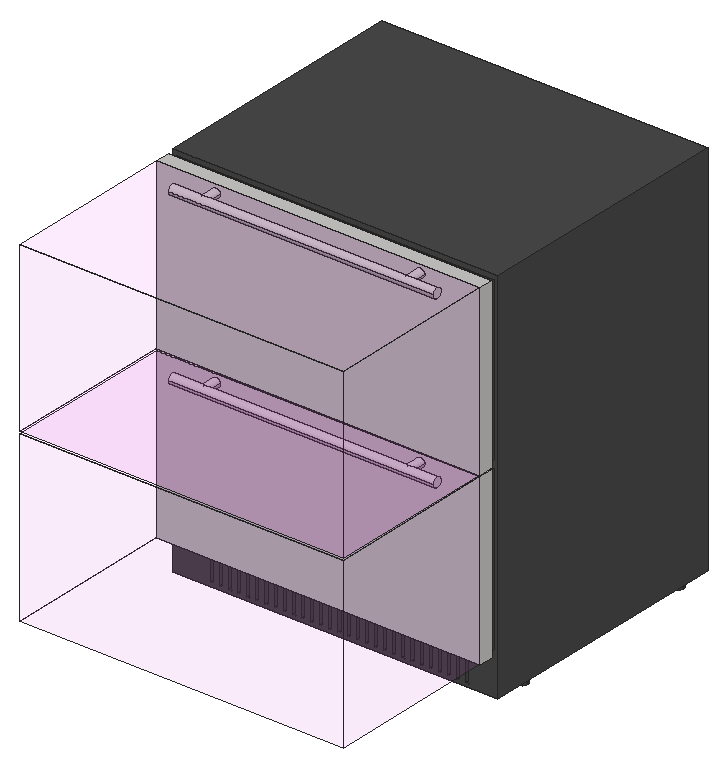
Revit family "Qf_Summit_SPR275OS2DADA_27 inches Wide 2-Drawer All-Refrigerator_ADA Compliant", category Specialty Equipment, Revit 2020
Family settings
  Round Connector Dimension = Use Diameter
  Part Type = Normal
  Work Plane-Based = No
  Always vertical = Yes
  Cut with Voids When Loaded = No
  Shared = No
  Room Calculation Point = No
Parameters
  Weight in Pounds = 121
  Watts = 0 W
  Volts = 115 V
  URL Cutsheet = ""
  Specification by User = ""
  Specification by Manufacturer = ""
  Show Clearance [instance] = yes
  Serial Number = ""
  Seismic Rating = ""
  SMACNA No = ""
  Revision Code = ""
  Refrigerant Volume = 0.00 kip
  Refrigerant Type = "R600a"
  Phase = 1
  Number of Poles = 1
  NAFEM Spec ID Number = ""
  Model = "SPR275OS2DADA"
  Min Ckt Ampacity = 0 A
  Max Overcurrent Protection = 0 A
  Masterspec = ""
  Manufacturer = "Summit"
  Length = 26 3/4"
  Item Number = ""
  Installed By = ""
  Identify Quantity as Lot = yes
  Height = 31 7/8"
  HP = ""
  Furnished By = ""
  Foodservice Equipment Identifier = yes
  FL Amps = 1.25 A
  Electrical Remarks = ""
  Electric Connection Type = ""
  Elec Conn RI Height = 0"
  Elec Conn Connection Height = 0"
  Description = "27\" Wide 2-Drawer All-Refrigerator, ADA Compliant"
  Depth = 23 1/4"
  Default Elevation = 0"
  Cycle = 60 Hz
  Conn Plug = ""
  Conn Conduit = yes
  CSI MasterFormat = ""
  Apparent Power = if(Phase = 3, Volts * FL Amps * 1.73, Volts * FL Amps)  # 143.75 VA
Reference planes (in)
  plane 1: z = 0
  plane 2 "LEFT": x = 0
  plane 3 "RIGHT": x = 26.75
  plane 4 "FRONT": y = -24
  plane 5 "TOP": z = 31.875
  plane 6 "Center Y": x = 13.375
  plane 7 "Center X": y = -12.375
  plane 8 "BACK": y = -0.75
  plane 9: y = -38
  plane 10: z = 0.75
  plane 11: y = -25.75
  plane 12: y = -22.75
  plane 13: y = -22.25
  plane 14: y = -36.75
  plane 15: z = 17.5625
  plane 16: z = 16.8125
  plane 17: z = 17.8125
  plane 18: z = 4
  plane 19: z = 17.9375
  plane 20: z = 31.75
  plane 21: z = 31.5
  plane 22: z = 30.75
Forms (in)
  Extrusion 1, solid, material "QF_Plastic - Black - Matte"
    sketch origin (22.25, -2.96287, 24.25) x (0, 1, 0) y (-1, 0, 0)
      loop
        line (2.21287, 22.25) -> (-19.28713, 22.25) -> (-19.28713, -4.5) -> (2.21287, -4.5) -> (2.21287, 22.25)
    from -23.5 to 7.625
  Extrusion 2, solid, material "QF_Plastic - Black - Matte"
    sketch origin (22.25, -4.33787, 24.25) x (0, 1, 0) y (-1, 0, 0)
      loop
        line (-17.91213, -4.1875) -> (-17.91213, 21.88303) -> (-18.41213, 21.88303) -> (-18.41213, -4.1875) -> (-17.91213, -4.1875)
    from -19.96373 to -6.6875
  Extrusion 3, solid, material "QF_Metal_Stainless_Polished"
    sketch origin (23.88, -1.375, 0.4375) x (0, 1, 0) y (0, 0, 1)
      loop
        circle (-24, 16.75) r 0.375
    from -21.38 to 0.37
  Extrusion 4, solid, material "QF_Metal_Stainless_Polished"
    sketch origin (0, -21.86991, 32) x (1, 0, 0) y (0, 0, 1)
      loop
        circle (21.76913, -14.8125) r 0.34572
      loop
        circle (4.98087, -14.8125) r 0.34572
    from 2.13009 to 3.50509
  Revolve 5, solid, material "QF_Plastic - Black - Matte"
    sketch origin (0, -18.49491, 32) x (1, 0, 0) y (0, 0, 1)
      loop
        line (0.4375, -31.25) -> (0.5625, -32) -> (1, -32) -> (1, -31.25) -> (0.4375, -31.25)
      axis (1, -32) -> (1, -31.25)
    angle from 0 to 360
  Revolve 6, solid, material "QF_Plastic - Black - Matte"
    sketch origin (0, -2.49491, 32) x (1, 0, 0) y (0, 0, 1)
      loop
        line (0.4375, -31.25) -> (0.5625, -32) -> (1, -32) -> (1, -31.25) -> (0.4375, -31.25)
      axis (1, -32) -> (1, -31.25)
    angle from 0 to 360
  Extrusion 7, solid
    sketch origin (5.00125, -0.75, 24.25) x (1, 0, 0) y (0, 0, -1)
      loop
        circle (14.53855, 22.75177) r 0.25
    from 0 to 0.21202
  Extrusion 8, solid, material "QF_Metal_Stainless_Polished"
    sketch origin (22.25, -4.33787, 23.40625) x (0, 1, 0) y (-1, 0, 0)
      loop
        line (-18.41213, 22.15625) -> (-19.66213, 22.15625) -> (-19.66213, -4.40625) -> (-18.41213, -4.40625) -> (-18.41213, 22.15625)
    from -19.40625 to -5.59375
  Extrusion 9, solid, material "QF_Clearances_Door_Drawer"
    sketch origin (22.25, -4.33787, 24.25) x (0, 1, 0) y (-1, 0, 0)
      loop
        line (-19.66213, 22.15625) -> (-33.66213, 22.15625) -> (-33.66213, -4.40625) -> (-19.66213, -4.40625) -> (-19.66213, 22.15625)
    from -20.25 to -6.4375
  Extrusion 10, solid, material "QF_Plastic - Black - Matte"
    sketch origin (22.25, -4.33787, 38.1875) x (0, 1, 0) y (-1, 0, 0)
      loop
        line (-17.91213, -4.1875) -> (-17.91213, 21.88303) -> (-18.41213, 21.88303) -> (-18.41213, -4.1875) -> (-17.91213, -4.1875)
    from -19.96373 to -6.6875
  Extrusion 11, solid, material "QF_Metal_Stainless_Polished"
    sketch origin (23.88, -1.375, 14.375) x (0, 1, 0) y (0, 0, 1)
      loop
        circle (-24, 16.75) r 0.375
    from -21.38 to 0.37
  Extrusion 12, solid, material "QF_Metal_Stainless_Polished"
    sketch origin (0, -21.86991, 45.9375) x (1, 0, 0) y (0, 0, 1)
      loop
        circle (21.76913, -14.8125) r 0.34572
      loop
        circle (4.98087, -14.8125) r 0.34572
    from 2.13009 to 3.50509
  Extrusion 13, solid, material "QF_Metal_Stainless_Polished"
    sketch origin (22.25, -4.33787, 37.34375) x (0, 1, 0) y (-1, 0, 0)
      loop
        line (-18.41213, 22.15625) -> (-19.66213, 22.15625) -> (-19.66213, -4.40625) -> (-18.41213, -4.40625) -> (-18.41213, 22.15625)
    from -19.40625 to -5.59375
  Extrusion 14, solid, material "QF_Clearances_Door_Drawer"
    sketch origin (22.25, -4.33787, 38.1875) x (0, 1, 0) y (-1, 0, 0)
      loop
        line (-19.66213, 22.15625) -> (-33.66213, 22.15625) -> (-33.66213, -4.40625) -> (-19.66213, -4.40625) -> (-19.66213, 22.15625)
    from -20.25 to -6.4375
  Revolve 15, solid, material "QF_Plastic - Black - Matte"
    sketch origin (26.75, -18.49491, 32) x (-1, 0, 0) y (0, 0, -1)
      loop
        line (0.4375, 31.25) -> (1, 31.25) -> (1, 32) -> (0.5625, 32) -> (0.4375, 31.25)
      axis (1, 32) -> (1, 31.25)
    angle from 0 to 360
  Revolve 16, solid, material "QF_Plastic - Black - Matte"
    sketch origin (26.75, -2.49491, 32) x (-1, 0, 0) y (0, 0, -1)
      loop
        line (0.4375, 31.25) -> (1, 31.25) -> (1, 32) -> (0.5625, 32) -> (0.4375, 31.25)
      axis (1, 32) -> (1, 31.25)
    angle from 0 to 360
  Extrusion 17, void
    sketch origin (23.375, -22.25, 24.25) x (1, 0, 0) y (0, 0, -1)
      loop
        line (-20.25, 20.6875) -> (-20, 20.6875) -> (-20, 23.1875) -> (-20.25, 23.1875) -> (-20.25, 20.6875)
      loop
        line (-19.5, 20.6875) -> (-19.25, 20.6875) -> (-19.25, 23.1875) -> (-19.5, 23.1875) -> (-19.5, 20.6875)
      loop
        line (-18.75, 20.6875) -> (-18.5, 20.6875) -> (-18.5, 23.1875) -> (-18.75, 23.1875) -> (-18.75, 20.6875)
      loop
        line (-18, 20.6875) -> (-17.75, 20.6875) -> (-17.75, 23.1875) -> (-18, 23.1875) -> (-18, 20.6875)
      loop
        line (-17.25, 20.6875) -> (-17, 20.6875) -> (-17, 23.1875) -> (-17.25, 23.1875) -> (-17.25, 20.6875)
      loop
        line (-16.5, 20.6875) -> (-16.25, 20.6875) -> (-16.25, 23.1875) -> (-16.5, 23.1875) -> (-16.5, 20.6875)
      loop
        line (-15.75, 20.6875) -> (-15.5, 20.6875) -> (-15.5, 23.1875) -> (-15.75, 23.1875) -> (-15.75, 20.6875)
      loop
        line (-15, 20.6875) -> (-14.75, 20.6875) -> (-14.75, 23.1875) -> (-15, 23.1875) -> (-15, 20.6875)
      loop
        line (-14.25, 20.6875) -> (-14, 20.6875) -> (-14, 23.1875) -> (-14.25, 23.1875) -> (-14.25, 20.6875)
      loop
        line (-13.5, 20.6875) -> (-13.25, 20.6875) -> (-13.25, 23.1875) -> (-13.5, 23.1875) -> (-13.5, 20.6875)
      loop
        line (-12.75, 20.6875) -> (-12.5, 20.6875) -> (-12.5, 23.1875) -> (-12.75, 23.1875) -> (-12.75, 20.6875)
      loop
        line (-12, 20.6875) -> (-11.75, 20.6875) -> (-11.75, 23.1875) -> (-12, 23.1875) -> (-12, 20.6875)
      loop
        line (-11.25, 20.6875) -> (-11, 20.6875) -> (-11, 23.1875) -> (-11.25, 23.1875) -> (-11.25, 20.6875)
      loop
        line (-10.5, 20.6875) -> (-10.25, 20.6875) -> (-10.25, 23.1875) -> (-10.5, 23.1875) -> (-10.5, 20.6875)
      loop
        line (-9.75, 20.6875) -> (-9.5, 20.6875) -> (-9.5, 23.1875) -> (-9.75, 23.1875) -> (-9.75, 20.6875)
      loop
        line (-9, 20.6875) -> (-8.75, 20.6875) -> (-8.75, 23.1875) -> (-9, 23.1875) -> (-9, 20.6875)
      loop
        line (-8.25, 20.6875) -> (-8, 20.6875) -> (-8, 23.1875) -> (-8.25, 23.1875) -> (-8.25, 20.6875)
      loop
        line (-7.5, 20.6875) -> (-7.25, 20.6875) -> (-7.25, 23.1875) -> (-7.5, 23.1875) -> (-7.5, 20.6875)
      loop
        line (-6.75, 20.6875) -> (-6.5, 20.6875) -> (-6.5, 23.1875) -> (-6.75, 23.1875) -> (-6.75, 20.6875)
      loop
        line (-6, 20.6875) -> (-5.75, 20.6875) -> (-5.75, 23.1875) -> (-6, 23.1875) -> (-6, 20.6875)
      loop
        line (-5.25, 20.6875) -> (-5, 20.6875) -> (-5, 23.1875) -> (-5.25, 23.1875) -> (-5.25, 20.6875)
      loop
        line (-4.5, 20.6875) -> (-4.25, 20.6875) -> (-4.25, 23.1875) -> (-4.5, 23.1875) -> (-4.5, 20.6875)
      loop
        line (-3.75, 20.6875) -> (-3.5, 20.6875) -> (-3.5, 23.1875) -> (-3.75, 23.1875) -> (-3.75, 20.6875)
      loop
        line (-3, 20.6875) -> (-2.75, 20.6875) -> (-2.75, 23.1875) -> (-3, 23.1875) -> (-3, 20.6875)
      loop
        line (-2.25, 20.6875) -> (-2, 20.6875) -> (-2, 23.1875) -> (-2.25, 23.1875) -> (-2.25, 20.6875)
      loop
        line (-1.5, 20.6875) -> (-1.25, 20.6875) -> (-1.25, 23.1875) -> (-1.5, 23.1875) -> (-1.5, 20.6875)
      loop
        line (-0.75, 20.6875) -> (-0.5, 20.6875) -> (-0.5, 23.1875) -> (-0.75, 23.1875) -> (-0.75, 20.6875)
      loop
        line (0, 20.6875) -> (0.25, 20.6875) -> (0.25, 23.1875) -> (0, 23.1875) -> (0, 20.6875)
      loop
        line (0.75, 20.6875) -> (1, 20.6875) -> (1, 23.1875) -> (0.75, 23.1875) -> (0.75, 20.6875)
    from 0 to 0.33575
Cuts and joins
  Extrusion 17 cuts Extrusion 1
Lines and regions (in)
  Split face 1
    outline origin (22.25, -4.33787, 17.8125) x (0, 1, 0) y (-1, 0, 0)
      loop
        line (-18.84923, 14.40625) -> (-19.22423, 14.40625)
        arc (-19.22423, 14.40625) -> (-19.31262, 14.36964) -> (-19.34923, 14.28125) r 0.125
        line (-19.34923, 14.28125) -> (-19.34923, 6.21875)
        arc (-19.34923, 6.21875) -> (-19.31262, 6.13036) -> (-19.22423, 6.09375) r 0.125
        line (-19.22423, 6.09375) -> (-18.84923, 6.09375)
        arc (-18.84923, 6.09375) -> (-18.76084, 6.13036) -> (-18.72423, 6.21875) r 0.125
        line (-18.72423, 6.21875) -> (-18.72423, 14.28125)
        arc (-18.72423, 14.28125) -> (-18.76084, 14.36964) -> (-18.84923, 14.40625) r 0.125
  Split face 2
    outline origin (19.23665, -4.30662, 17.8125) x (0, 1, 0) y (-1, 0, 0)
      loop
        line (-18.97746, 7.91657) -> (-19.20106, 7.91657) -> (-19.20106, 6.26456) -> (-18.97746, 6.26456) -> (-18.97746, 7.91657)
  symbolic lines, style "QF_Clearances_Door_Drawer"
    curve 1: line (0.09375, -24, 24.25) -> (0.09375, -38, 24.25)
    curve 2: line (0.09375, -38, 24.25) -> (26.65625, -38, 24.25)
    curve 3: line (26.65625, -38, 24.25) -> (26.65625, -24, 24.25)
  symbolic lines, style "SpecialityEquipment"
    curve 4: line (4.63515, -24, 24.25) -> (5.32633, -24, 24.25)
    curve 5: line (4.63515, -25, 24.25) -> (4.63515, -24, 24.25)
    curve 6: line (5.32633, -24, 24.25) -> (5.32633, -25, 24.25)
    curve 7: line (2.5, -25, 24.25) -> (24.25, -25, 24.25)
    curve 8: line (2.5, -25.75, 24.25) -> (2.5, -25, 24.25)
    curve 9: line (24.25, -25.75, 24.25) -> (2.5, -25.75, 24.25)
    curve 10: line (24.25, -25, 24.25) -> (24.25, -25.75, 24.25)
    curve 11: line (22.11485, -24, 24.25) -> (21.42367, -24, 24.25)
    curve 12: line (22.11485, -25, 24.25) -> (22.11485, -24, 24.25)
    curve 13: line (21.42367, -24, 24.25) -> (21.42367, -25, 24.25)
  symbolic lines
    curve 14: line (0, -0.75, 24.25) -> (0, -22.25, 24.25)
    curve 15: line (0, -22.25, 24.25) -> (26.75, -22.25, 24.25)
    curve 16: line (26.75, -22.25, 24.25) -> (26.75, -0.75, 24.25)
    curve 17: line (26.75, -0.75, 24.25) -> (0, -0.75, 24.25)
    curve 18: line (0.36697, -22.25, 24.25) -> (0.36697, -22.75, 24.25)
    curve 19: line (0.09375, -22.75, 24.25) -> (0.09375, -24, 24.25)
    curve 20: line (0.09375, -24, 24.25) -> (26.65625, -24, 24.25)
    curve 21: line (26.65625, -24, 24.25) -> (26.65625, -22.75, 24.25)
    curve 22: line (26.65625, -22.75, 24.25) -> (0.09375, -22.75, 24.25)
    curve 23: line (26.4375, -22.75, 24.25) -> (26.4375, -22.25, 24.25)
Dimensions and locks (in)
  equal spacing: plane 2 "LEFT", plane 6 "Center Y", plane 3 "RIGHT"
  "Length": plane 2 "LEFT" to plane 3 "RIGHT"
  equal spacing: plane 4 "FRONT", plane 7 "Center X", plane 8 "BACK"
  "Height": plane 5 "TOP" to level
  plane 3 "RIGHT" to plane 2 "LEFT" = 26 3/4"
  plane 5 "TOP" to level = 31 7/8"  (x2)
  "Depth": plane 4 "FRONT" to plane 8 "BACK"
  plane 8 "BACK" to plane 9 = 37 1/4"
  plane 4 "FRONT" to plane 8 "BACK" = 23 1/4"
  plane 8 "BACK" to plane 13 = 21 1/2"
  locked: plane 4 "FRONT" to plane 11 at 1.75
  plane 13 to plane 4 "FRONT" = 1 3/4"
  plane 14 to plane 13 = 14 1/2"
  aligned and locked: level to plane 1
  aligned and locked: plane 5 "TOP" to Extrusion 1
  aligned and locked: Extrusion 12 to plane 4 "FRONT"
  aligned and locked: plane 12 to Extrusion 13
  aligned and locked: Extrusion 10 to plane 12
  aligned and locked: plane 13 to Extrusion 10
  aligned and locked: Extrusion 1 to plane 13
  aligned and locked: Extrusion 9 to plane 4 "FRONT"
  aligned and locked: Extrusion 8 to Extrusion 9
  aligned and locked: Extrusion 4 to plane 4 "FRONT"
  aligned and locked: plane 12 to Extrusion 8
  aligned and locked: Extrusion 2 to Extrusion 8
  aligned and locked: Extrusion 2 to Extrusion 1
  aligned and locked: Extrusion 9 to plane 9
  aligned and locked: Extrusion 14 to Extrusion 9
  aligned and locked: Extrusion 8 to Extrusion 13  (x2)
  aligned and locked: Extrusion 14 to Extrusion 13
  aligned and locked: Extrusion 9 to Extrusion 13
  aligned and locked: Extrusion 13 to Extrusion 14
  aligned and locked: Extrusion 13 to Extrusion 9
Automatic sketch dimensions
  plane 11 to Extrusion 3 sketch curve = 3/8"
  Extrusion 3 sketch curve to plane 15 = 3/8"
  plane 11 to Extrusion 11 sketch curve = 3/8"
  Extrusion 11 sketch curve to plane 21 = 3/8"
  curve 1 to plane 9 = 0"
  curve 8 to plane 11 = 0"
  plane 4 "FRONT" to curve 6 = 0"
  plane 4 "FRONT" to curve 11 = 0"
  plane 4 "FRONT" to curve 3 = 0"
  plane 11 to curve 10 = 3/4"
  plane 3 "RIGHT" to curve 3 = 3/32"
  plane 3 "RIGHT" to curve 10 = 2 1/2"
  curve 7 to curve 11 = 2.13515"
  curve 11 to curve 13 = 0.69118"
  plane 2 "LEFT" to curve 4 = 5.32633"
  curve 6 to curve 5 = 0.69118"
  curve 5 to curve 8 = 2.13515"
  plane 2 "LEFT" to curve 1 = 3/32"
  Extrusion 1 sketch curve to plane 2 "LEFT" = 0"
  Extrusion 1 sketch curve to plane 13 = 0"
  plane 8 "BACK" to Extrusion 1 sketch curve = 0"
  Extrusion 1 sketch curve to plane 3 "RIGHT" = 0"
  Extrusion 2 sketch curve to plane 12 = 0"
  Extrusion 2 sketch curve to plane 13 = 0"
  plane 3 "RIGHT" to Extrusion 2 sketch curve = 5/16"
  plane 2 "LEFT" to Extrusion 2 sketch curve = 0.36697"
  Extrusion 4 sketch curve to plane 15 = 3/8"  (x2)
  plane 2 "LEFT" to Extrusion 4 sketch curve = 4.98087"
  plane 3 "RIGHT" to Extrusion 4 sketch curve = 4.98087"
  Revolve 5 sketch curve to plane 10 = 0"  (x2)
  Revolve 5 sketch curve to level = 0"
  plane 2 "LEFT" to Revolve 5 sketch curve = 7/16"
  plane 2 "LEFT" to Revolve 5 sketch curve = 9/16"
  Revolve 5 sketch curve to Revolve 5 sketch curve = 9/16"
  Revolve 5 sketch curve to Revolve 5 sketch curve = 0"
  Revolve 5 sketch curve to plane 10 = 0.31472"
  Revolve 6 sketch curve to plane 10 = 0"  (x2)
  Revolve 6 sketch curve to level = 0"
  plane 2 "LEFT" to Revolve 6 sketch curve = 7/16"
  plane 2 "LEFT" to Revolve 6 sketch curve = 9/16"
  Revolve 6 sketch curve to Revolve 6 sketch curve = 9/16"
  Revolve 6 sketch curve to Revolve 6 sketch curve = 0"
  Revolve 6 sketch curve to plane 10 = 0.34358"
  Extrusion 1 to Extrusion 7 sketch curve = 0.74823"
  Extrusion 7 sketch curve to Extrusion 1 = 7.2102"
  plane 4 "FRONT" to Extrusion 8 sketch curve = 0"
  Extrusion 8 sketch curve to plane 12 = 0"
  plane 3 "RIGHT" to Extrusion 8 sketch curve = 3/32"
  plane 2 "LEFT" to Extrusion 8 sketch curve = 3/32"
  Split face 1 sketch curve to Extrusion 8 = 0.3129"
  Split face 1 sketch curve to Split face 1 sketch curve = 1/8"  (x3)
  Split face 1 sketch curve to Split face 1 sketch curve = 3/8"  (x2)
  Split face 1 sketch curve to Extrusion 8 = 10 1/2"
  Split face 1 sketch curve to Extrusion 8 = 7 7/8"
  Split face 2 sketch curve to Extrusion 8 = 0.49232"
  Split face 2 sketch curve to Split face 2 sketch curve = 0.2236"
  Split face 2 sketch curve to Extrusion 8 = 12.87834"
  Split face 2 sketch curve to Split face 2 sketch curve = 1.652"
  Extrusion 9 sketch curve to plane 9 = 0"
  plane 4 "FRONT" to Extrusion 9 sketch curve = 0"
  plane 3 "RIGHT" to Extrusion 9 sketch curve = 3/32"
  plane 2 "LEFT" to Extrusion 9 sketch curve = 3/32"
  Extrusion 10 sketch curve to plane 12 = 0"
  Extrusion 10 sketch curve to plane 13 = 0"
  plane 3 "RIGHT" to Extrusion 10 sketch curve = 5/16"
  plane 2 "LEFT" to Extrusion 10 sketch curve = 0.36697"
  Extrusion 12 sketch curve to plane 21 = 3/8"  (x2)
  plane 2 "LEFT" to Extrusion 12 sketch curve = 4.98087"
  plane 3 "RIGHT" to Extrusion 12 sketch curve = 4.98087"
  plane 4 "FRONT" to Extrusion 13 sketch curve = 0"
  Extrusion 13 sketch curve to plane 12 = 0"
  plane 3 "RIGHT" to Extrusion 13 sketch curve = 3/32"
  plane 2 "LEFT" to Extrusion 13 sketch curve = 3/32"
  Extrusion 14 sketch curve to plane 9 = 0"
  plane 4 "FRONT" to Extrusion 14 sketch curve = 0"
  plane 3 "RIGHT" to Extrusion 14 sketch curve = 3/32"
  plane 2 "LEFT" to Extrusion 14 sketch curve = 3/32"
  Revolve 15 sketch curve to plane 10 = 0"  (x2)
  Revolve 15 sketch curve to level = 0"
  plane 3 "RIGHT" to Revolve 15 sketch curve = 7/16"
  plane 3 "RIGHT" to Revolve 15 sketch curve = 9/16"
  Revolve 15 sketch curve to Revolve 15 sketch curve = 9/16"
  Revolve 15 sketch curve to Revolve 15 sketch curve = 0"
  Revolve 15 sketch curve to Revolve 15 sketch curve = 0.31472"
  Revolve 16 sketch curve to plane 10 = 0"  (x2)
  Revolve 16 sketch curve to level = 0"
  plane 3 "RIGHT" to Revolve 16 sketch curve = 7/16"
  plane 3 "RIGHT" to Revolve 16 sketch curve = 9/16"
  Revolve 16 sketch curve to Revolve 16 sketch curve = 9/16"
  Revolve 16 sketch curve to Revolve 16 sketch curve = 0"
  Revolve 16 sketch curve to plane 10 = 0.34358"
  Extrusion 17 sketch curve to Extrusion 1 = 5/16"  (x29)
  Extrusion 17 sketch curve to Extrusion 1 = 3 1/8"
  Extrusion 17 sketch curve to Extrusion 17 sketch curve = 1/4"  (x29)
  Extrusion 17 sketch curve to Extrusion 17 sketch curve = 1/2"  (x28)
  Extrusion 17 sketch curve to Extrusion 17 sketch curve = 2 1/2"  (x2)
  Extrusion 17 sketch curve to Extrusion 17 sketch curve = 0"  (x27)
  curve 14 to plane 2 "LEFT" = 0"
  curve 14 to plane 13 = 0"
  curve 16 to plane 3 "RIGHT" = 0"
  plane 8 "BACK" to curve 16 = 0"
  curve 18 to plane 12 = 0"
  plane 2 "LEFT" to curve 18 = 0.36697"
  curve 21 to curve 23 = 7/32"
  radius of Extrusion 3 sketch curve = 3/8"
  radius of Extrusion 11 sketch curve = 3/8"
  radius of Extrusion 4 sketch curve = 0.34572"  (x2)
  radius of Extrusion 7 sketch curve = 1/4"
  radius of Extrusion 12 sketch curve = 0.34572"  (x2)
Connectors (in)
  electrical at (19.5398, -0.53798, 1.49823), driven by "Volts", driven by "Apparent Power"
    settings: on Extrusion 7, index 3, voltage 115 V, apparent load 143.75 VA, apparent load phase1 0 VA, apparent load phase2 0 VA, apparent load phase3 0 VA, power factor 1, load classification "Other", number of poles 1, system type 30, power factor state 1, is connector primary yes, connector utility no, sub classification motor no, connector description ""
